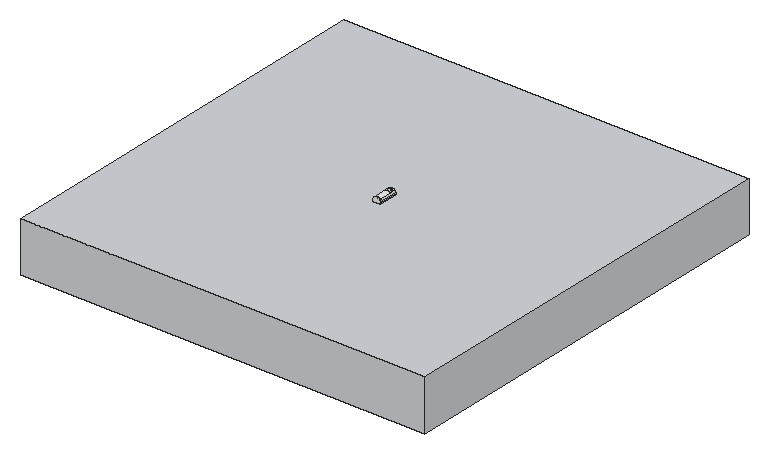
Revit family
Parameters (values of type "Occupancy")
  Version = 1
  URL = "http://www.lutron.com"
  Series = "Radio Powr Savr"
  Sensor Material = Plastic - Lutron - White
  Product URL = "http://www.lutron.com/Products/Sensors/Occupancy-Vacancy/WirelessRadioPowrSavr/Pages/Overview.aspx"
  Overall Width = 0' - 1 205/256"
  Overall Height = 0' - 4 45/128"
  Overall Depth = 0' - 1 45/128"
  Model = "LRF2-OWLB-P-WH"
  Minor Motion Coverage = 1500.00 SF
  Manufacturer = "Lutron Electronics"  # constant formula
  Major Motion Coverage = 3000.00 SF
  Label = "OS"
  Infrared Minor Motion Detection [instance] = no
  Infrared Major Motion Detection [instance] = no
  Field of View = 180.00°
  Description = "Wireless Wall-Mount Occupancy Sensor"
  Default Elevation = 7' - 0"
  Copyright = "© 2010 Lutron Electronics Co., Inc."  # constant formula
  CADworks URL = "http://www.CADworks.net"
  Assembly Code = "D5030800"
Types (3): name | Model | Label | Description
  (no name) | "LRF2-OWLB-P-WH" | "OS" | "Wireless Wall-Mount Occupancy Sensor"
  Occupancy | "LRF2-OWLB-P-WH" | "OS" | "Wireless Wall-Mount Occupancy Sensor"
  Vacancy | "LRF2-VWLB-P-WH" | "VS" | "Wireless Wall-Mount Vacancy Sensor"
Reference planes (in)
  plane 1 "Center (Front/Back)": y = 0
  plane 2: z = 0
  plane 3 "Center (Left/Right)": x = 0
  plane 4: x = 0.90039
  plane 5: x = -0.90039
  plane 6: y = -2.17578
  plane 7: y = 2.17578
  plane 8: z = 1.35156
Forms (in)
  Extrusion 1, solid
    sketch origin (0, 0, 0) x (1, 0, 0) y (0, 1, 0)
      loop
        line (-48, 48) -> (-48, -48) -> (48, -48) -> (48, 48) -> (-48, 48)
    from 0 to -12
  Extrusion 2, solid, material "Plastic - Lutron - White" <- "Sensor Material"
    sketch origin (0, 0, 0) x (1, 0, 0) y (0, 0, 1)
      loop
        line (-0.90039, 0.25) -> (-0.69045, 0) -> (0.69045, 0) -> (0.90039, 0.25) -> (0.90039, 0.52356)
        arc (0.90039, 0.52356) -> (0.86001, 0.76764) -> (0.74316, 0.98571) r 0.75781
        arc (0.74316, 0.98571) -> (-0.00134, 1.35156) -> (-0.74479, 0.98358) r 0.93772
        arc (-0.74479, 0.98358) -> (-0.86044, 0.76664) -> (-0.90039, 0.52408) r 0.75629
        line (-0.90039, 0.52408) -> (-0.90039, 0.25)
    from -2.17578 to 2.17578
  Extrusion 3, void
    sketch origin (0, 0, 0) x (1, 0, 0) y (0, 1, 0)
      loop
        line (-0.625, 1.64822) -> (-0.625, 0.73271) -> (0.625, 0.73271) -> (0.625, 1.64822) -> (-0.625, 1.64822)
    from 0.73905 to 1.35156
  Extrusion 4, solid, material "Plastic - Lutron - Clear"
    sketch origin (0, 0, 0) x (1, 0, 0) y (0, 0, 1)
      loop
        arc (0.625, 1.06059) -> (0.00091, 1.30084) -> (-0.625, 1.06535) r 0.94003
        line (-0.625, 1.06535) -> (-0.625, 0.95684)
        arc (-0.625, 0.95684) -> (0.00091, 1.19233) -> (0.625, 0.95208) r 0.94003
        line (0.625, 0.95208) -> (0.625, 1.06059)
    from -1.64822 to -0.73271
  Extrusion 5, void
    sketch origin (60, 2.17578, 60.99325) x (1, 0, 0) y (0, 0, 1)
      loop
        line (146.45668, 659.00635) -> (-59.79327, -60.2727)
        arc (-59.79327, -60.2727) -> (-59.77032, -60.27968) -> (-59.74761, -60.28739) r 0.75
        line (-59.74761, -60.28739) -> (197.30608, 659.00635) -> (146.45668, 659.00635)
      loop
        line (240, 594.18268) -> (-59.68776, -60.31174)
        arc (-59.68776, -60.31174) -> (-59.65885, -60.32573) -> (-59.63057, -60.34095) r 0.75
        line (-59.63057, -60.34095) -> (240, 469.03951) -> (240, 594.18268)
      loop
        line (240, 359.00635) -> (-59.56407, -60.38335)
        arc (-59.56407, -60.38335) -> (-59.54165, -60.4) -> (-59.51986, -60.41748) r 0.75
        line (-59.51986, -60.41748) -> (240, 299.00635) -> (240, 359.00635)
      loop
        line (240, 239.00635) -> (-59.46967, -60.46332)
        arc (-59.46967, -60.46332) -> (-59.45304, -60.48049) -> (-59.43696, -60.49818) r 0.75
        line (-59.43696, -60.49818) -> (240, 203.00635) -> (240, 239.00635)
      loop
        line (240, 119.00635) -> (240, 155.00635) -> (-59.39135, -60.55542)
        arc (-59.39135, -60.55542) -> (-59.37357, -60.58124) -> (-59.35688, -60.60778) r 0.75
        line (-59.35688, -60.60778) -> (240, 119.00635)
      loop
        line (240, 95.00635) -> (-59.33459, -60.64763)
        arc (-59.33459, -60.64763) -> (-59.32098, -60.67516) -> (-59.30851, -60.70322) r 0.75
        line (-59.30851, -60.70322) -> (240, 65.00635) -> (240, 95.00635)
      loop
        line (240, 36.48226) -> (-59.28671, -60.76189)
        arc (-59.28671, -60.76189) -> (-59.27815, -60.7901) -> (-59.27071, -60.81862) r 0.75
        line (-59.27071, -60.81862) -> (240, 11.00635) -> (240, 36.48226)
      loop
        line (240, -18.99365) -> (-59.25724, -60.88966)
        arc (-59.25724, -60.88966) -> (-59.25449, -60.91172) -> (-59.25239, -60.93384) r 0.75
        line (-59.25239, -60.93384) -> (240, -36.99365) -> (240, -18.99365)
      loop
        line (-266.45668, 659.00635) -> (-317.30608, 659.00635) -> (-60.25239, -60.28739)
        arc (-60.25239, -60.28739) -> (-60.22968, -60.27968) -> (-60.20673, -60.2727) r 0.75
        line (-60.20673, -60.2727) -> (-266.45668, 659.00635)
      loop
        line (-360, 594.18268) -> (-360, 469.03951) -> (-60.36943, -60.34095)
        arc (-60.36943, -60.34095) -> (-60.34115, -60.32573) -> (-60.31224, -60.31174) r 0.75
        line (-60.31224, -60.31174) -> (-360, 594.18268)
      loop
        line (-360, 359.00635) -> (-360, 299.00635) -> (-60.48013, -60.41749)
        arc (-60.48013, -60.41749) -> (-60.45834, -60.40001) -> (-60.43592, -60.38336) r 0.74999
        line (-60.43592, -60.38336) -> (-360, 359.00635)
      loop
        line (-360, 239.00635) -> (-360, 203.00635) -> (-60.56304, -60.4982)
        arc (-60.56304, -60.4982) -> (-60.54696, -60.4805) -> (-60.53032, -60.46333) r 0.74999
        line (-60.53032, -60.46333) -> (-360, 239.00635)
      loop
        line (-360, 119.00635) -> (-60.643, -60.60757)
        arc (-60.643, -60.60757) -> (-60.62635, -60.58111) -> (-60.6086, -60.55537) r 0.75
        line (-60.6086, -60.55537) -> (-360, 155.00635) -> (-360, 119.00635)
      loop
        line (-360, 95.00635) -> (-360, 65.00635) -> (-60.69154, -60.70328)
        arc (-60.69154, -60.70328) -> (-60.67898, -60.67502) -> (-60.66526, -60.6473) r 0.75001
        line (-60.66526, -60.6473) -> (-360, 95.00635)
      loop
        line (-360, 36.48226) -> (-360, 11.00635) -> (-60.72929, -60.81862)
        arc (-60.72929, -60.81862) -> (-60.72185, -60.7901) -> (-60.71329, -60.76189) r 0.75
        line (-60.71329, -60.76189) -> (-360, 36.48226)
      loop
        line (-360, -18.99365) -> (-360, -36.99365) -> (-60.74761, -60.93384)
        arc (-60.74761, -60.93384) -> (-60.74551, -60.91172) -> (-60.74276, -60.88966) r 0.75
        line (-60.74276, -60.88966) -> (-360, -18.99365)
      loop
        line (-59.85261, -60.25827) -> (84.30743, 659.00635) -> (32.31778, 659.00635) -> (-59.90462, -60.24974)
        arc (-59.90462, -60.24974) -> (-59.87854, -60.25355) -> (-59.85261, -60.25827) r 0.75
      loop
        line (-59.9701, -60.24424) -> (-31.27614, 659.00635) -> (-88.72386, 659.00635) -> (-60.0299, -60.24424)
        arc (-60.0299, -60.24424) -> (-60, -60.24365) -> (-59.9701, -60.24424) r 0.75
      loop
        line (-60.09538, -60.24974) -> (-152.31778, 659.00635) -> (-204.30743, 659.00635) -> (-60.14739, -60.25827)
        arc (-60.14739, -60.25827) -> (-60.12146, -60.25355) -> (-60.09538, -60.24974) r 0.75
    from 0 to 0.125
  Extrusion 6, solid, material "Infrared Minor Motion Detection", visible <- "Infrared Minor Motion Detection"
    sketch origin (60, 2.17578, 48) x (1, 0, 0) y (0, 0, 1)
      loop
        line (-240, -48) -> (120, -48) -> (120, 552) -> (-240, 552) -> (-240, -48)
    from 0 to 0.125
  Extrusion 7, solid, material "Infrared Major Motion Detection", visible <- "Infrared Major Motion Detection"
    sketch origin (60, 2.14453, 48) x (1, 0, 0) y (0, 0, 1)
      loop
        line (-360, -48) -> (240, -48) -> (240, 671.9996) -> (-360, 671.9996) -> (-360, -48)
    from 0 to 0.0625
Cuts and joins
  Extrusion 3 cuts Extrusion 2
  Extrusion 5 cuts Extrusion 6
  Extrusion 5 cuts Extrusion 7
Lines and regions (in)
  symbolic lines, detail levels fine
    curve 1: line (0.90039, 2.17578, 0.25) -> (0.90039, 2.17578, 0.52356)
    curve 2: arc (0.90039, 2.17578, 0.52356) -> (0.86001, 2.17578, 0.76764) -> (0.74316, 2.17578, 0.98571) r 0.75781
    curve 3: arc (0.74316, 2.17578, 0.98571) -> (-0.00134, 2.17578, 1.35156) -> (-0.74479, 2.17578, 0.98358) r 0.93772
    curve 4: arc (-0.74479, 2.17578, 0.98358) -> (-0.86044, 2.17578, 0.76664) -> (-0.90039, 2.17578, 0.52408) r 0.75629
    curve 5: line (-0.90039, 2.17578, 0.52408) -> (-0.90039, 2.17578, 0.25)
    curve 6: line (-0.90039, 2.17578, 0.25) -> (-0.69045, 2.17578, 0)
    curve 7: line (-0.69045, 2.17578, 0) -> (0.69045, 2.17578, 0)
    curve 8: line (0.69045, 2.17578, 0) -> (0.90039, 2.17578, 0.25)
Dimensions and locks (in)
  "Overall Width": plane 5 to plane 4
  equal spacing: plane 5, plane 3 "Center (Left/Right)", plane 4
  "Overall Height": plane 6 to plane 7
  equal spacing: plane 6, plane 1 "Center (Front/Back)", plane 7
  "Overall Depth": plane 8 to plane 2
  locked: Extrusion 3 sketch curve to Extrusion 3 sketch curve at 1.25
  equal spacing: Extrusion 3 sketch curve, plane 3 "Center (Left/Right)", Extrusion 3 sketch curve
  Extrusion 3 sketch curve to Extrusion 3 sketch curve to plane 7 = 0' - 0.91551" locked, 0' - 0.52756" locked
  Extrusion 2 sketch curve to Extrusion 2 sketch curve to plane 3 "Center (Left/Right)" to Extrusion 2 sketch curve to Extrusion 2 sketch curve = 0' - 0.20994" locked, 0' - 0.69045" locked, 0' - 0.69045" locked, 0' - 0.20994" locked
  locked: Extrusion 2 sketch curve to plane 8 at 0
  locked: cut or joined group of Extrusion 2, Extrusion 3 to plane 2 at 0.73905
  plane 8 to Extrusion 4 sketch curve to Extrusion 4 sketch curve = 0' - 0.05071" locked, 0' - 0.10851" locked
  equal spacing: Extrusion 6 sketch curve, plane 3 "Center (Left/Right)", Extrusion 6 sketch curve
  locked: Extrusion 6 sketch curve to Extrusion 6 sketch curve at 360
  locked: Extrusion 6 sketch curve to Extrusion 6 sketch curve at 600
  locked: Extrusion 7 sketch curve to Extrusion 7 sketch curve at 600
  locked: Extrusion 7 sketch curve to Extrusion 7 sketch curve at 719.9996
  cut or joined group of Extrusion 5, Extrusion 6 to Extrusion 7 to Extrusion 7 to plane 7 = 0' - 0 1/32" locked, 0' - 0 1/16" locked, 0' - 0 1/32" locked
  equal spacing: Extrusion 7 sketch curve, plane 3 "Center (Left/Right)", Extrusion 7 sketch curve
  aligned and locked: plane 2 to Extrusion 1
  aligned and locked: level to Extrusion 1
  aligned and locked: Extrusion 2 to plane 7
  aligned and locked: Extrusion 2 to plane 6
  aligned and locked: plane 8 to Extrusion 3
  aligned and locked: Extrusion 4 to cut or joined group of Extrusion 2, Extrusion 3  (x2)
  aligned and locked: plane 3 "Center (Left/Right)" to nested 1
  aligned and locked: plane 1 "Center (Front/Back)" to nested 1
  aligned and locked: plane 4 to Extrusion 2 sketch curve
  aligned and locked: plane 2 to Extrusion 2 sketch curve
  aligned and locked: cut or joined group of Extrusion 5, Extrusion 7 to plane 2
  aligned and locked: cut or joined group of Extrusion 5, Extrusion 6 to plane 2
  aligned and locked: curve 1 to cut or joined group of Extrusion 2, Extrusion 3
  aligned and locked: curve 2 to cut or joined group of Extrusion 2, Extrusion 3
  aligned and locked: curve 3 to cut or joined group of Extrusion 2, Extrusion 3
  aligned and locked: curve 4 to cut or joined group of Extrusion 2, Extrusion 3
  aligned and locked: curve 6 to cut or joined group of Extrusion 2, Extrusion 3
  aligned and locked: curve 7 to cut or joined group of Extrusion 2, Extrusion 3
  aligned and locked: curve 8 to cut or joined group of Extrusion 2, Extrusion 3
  aligned and locked: cut or joined group of Extrusion 2, Extrusion 3 to Extrusion 4  (x2)
Automatic sketch dimensions
  Extrusion 1 sketch curve to Extrusion 1 sketch curve = 8' - 0"  (x2)
  Extrusion 2 sketch curve to plane 3 "Center (Left/Right)" = 0' - 0"
  plane 5 to Extrusion 2 sketch curve = 0' - 0.1556"
  Extrusion 2 sketch curve to Extrusion 2 sketch curve = 0' - 0"
  Extrusion 2 sketch curve to plane 3 "Center (Left/Right)" = 0' - 0.1441"
  plane 3 "Center (Left/Right)" to Extrusion 2 sketch curve = 0' - 0.14258"
  plane 4 to Extrusion 2 sketch curve = 0' - 0.15723"
  level to Extrusion 2 sketch curve = 0' - 0 1/4"  (x2)
  Extrusion 4 sketch curve to plane 3 "Center (Left/Right)" = 0' - 0.00267"  (x2)
  plane 5 to Extrusion 4 sketch curve = 0' - 0.27539"
  plane 4 to Extrusion 4 sketch curve = 0' - 0.27539"
  level to Extrusion 4 sketch curve = 0' - 0.25231"
  Extrusion 4 sketch curve to Extrusion 4 sketch curve = 0' - 0.10851"
  Extrusion 5 sketch curve to Extrusion 5 sketch curve = 0' - 0"  (x228)
  Extrusion 5 sketch curve to plane 3 "Center (Left/Right)" = 0' - 0"
  Extrusion 5 sketch curve to plane 3 "Center (Left/Right)" = 0' - 0.00007"
  Extrusion 5 sketch curve to plane 3 "Center (Left/Right)" = 0' - 0.0299"
  Extrusion 5 sketch curve to Extrusion 5 sketch curve = 0' - 0.06549"  (x2)
  Extrusion 5 sketch curve to Extrusion 5 sketch curve = 0' - 0.05201"  (x2)
  Extrusion 5 sketch curve to Extrusion 5 sketch curve = 0' - 0.05934"  (x2)
  Extrusion 5 sketch curve to Extrusion 5 sketch curve = 0' - 0.04567"  (x2)
  Extrusion 5 sketch curve to Extrusion 5 sketch curve = 0' - 0.05985"  (x2)
  Extrusion 5 sketch curve to Extrusion 5 sketch curve = 0' - 0.05719"  (x2)
  Extrusion 5 sketch curve to Extrusion 5 sketch curve = 0' - 0.06649"
  Extrusion 5 sketch curve to Extrusion 5 sketch curve = 0' - 0.04421"  (x2)
  Extrusion 5 sketch curve to Extrusion 5 sketch curve = 0' - 0.05019"  (x2)
  Extrusion 5 sketch curve to Extrusion 5 sketch curve = 0' - 0.03272"
  Extrusion 5 sketch curve to Extrusion 5 sketch curve = 0' - 0.04557"
  Extrusion 5 sketch curve to Extrusion 5 sketch curve = 0' - 0.0344"
  Extrusion 5 sketch curve to Extrusion 5 sketch curve = 0' - 0.02226"
  Extrusion 5 sketch curve to Extrusion 5 sketch curve = 0' - 0.02628"
  Extrusion 5 sketch curve to Extrusion 5 sketch curve = 0' - 0.02175"
  Extrusion 5 sketch curve to Extrusion 5 sketch curve = 0' - 0.016"  (x2)
  level to Extrusion 5 sketch curve = 0' - 0.10359"  (x2)
  Extrusion 5 sketch curve to Extrusion 5 sketch curve = 0' - 0.01347"  (x2)
  Extrusion 5 sketch curve to Extrusion 5 sketch curve = 0' - 0.00486"  (x2)
  Extrusion 5 sketch curve to plane 5 = 2' - 3.82347"
  Extrusion 5 sketch curve to Extrusion 5 sketch curve = 5' - 3.59392"  (x2)
  Extrusion 5 sketch curve to Extrusion 5 sketch curve = 4' - 3.98966"  (x2)
  Extrusion 5 sketch curve to Extrusion 5 sketch curve = 5' - 2.14925"  (x2)
  Extrusion 5 sketch curve to Extrusion 5 sketch curve = 4' - 2.8494"  (x2)
  Extrusion 5 sketch curve to plane 5 = 24' - 11.09961"
  plane 8 to Extrusion 5 sketch curve = 8' - 0.12395"
  Extrusion 5 sketch curve to Extrusion 5 sketch curve = 3' - 6.69392"  (x2)
  plane 8 to Extrusion 5 sketch curve = 3' - 4.64804"
  plane 3 "Center (Left/Right)" to Extrusion 5 sketch curve = 0' - 0"  (x2)
  plane 3 "Center (Left/Right)" to Extrusion 5 sketch curve = 0' - 0.0299"
  Extrusion 5 sketch curve to Extrusion 5 sketch curve = 0' - 0.0665"
  Extrusion 5 sketch curve to Extrusion 5 sketch curve = 0' - 0.03271"
  Extrusion 5 sketch curve to Extrusion 5 sketch curve = 0' - 0.04562"
  Extrusion 5 sketch curve to Extrusion 5 sketch curve = 0' - 0.03447"
  Extrusion 5 sketch curve to Extrusion 5 sketch curve = 0' - 0.02229"
  Extrusion 5 sketch curve to Extrusion 5 sketch curve = 0' - 0.02607"
  Extrusion 5 sketch curve to Extrusion 5 sketch curve = 0' - 0.02181"
  Extrusion 5 sketch curve to plane 4 = 2' - 3.82347"
  Extrusion 5 sketch curve to Extrusion 5 sketch curve = 0' - 0.04418"
  Extrusion 5 sketch curve to Extrusion 5 sketch curve = 0' - 0.00011"
  Extrusion 5 sketch curve to Extrusion 5 sketch curve = 0' - 0.07104"  (x2)
  Extrusion 5 sketch curve to Extrusion 5 sketch curve = 0' - 0 15/256"
  Extrusion 5 sketch curve to Extrusion 5 sketch curve = 0' - 0.05866"
  Extrusion 5 sketch curve to Extrusion 5 sketch curve = 0' - 0.03986"
  Extrusion 5 sketch curve to Extrusion 5 sketch curve = 0' - 0.03973"
  Extrusion 5 sketch curve to Extrusion 5 sketch curve = 0' - 0.05717"
  Extrusion 5 sketch curve to Extrusion 5 sketch curve = 0' - 0.05724"
  Extrusion 5 sketch curve to Extrusion 5 sketch curve = 0' - 0.04584"  (x2)
  Extrusion 5 sketch curve to Extrusion 5 sketch curve = 0' - 0.0424"
  Extrusion 5 sketch curve to Extrusion 5 sketch curve = 0' - 0.04241"
  Extrusion 5 sketch curve to Extrusion 5 sketch curve = 0' - 0.02434"  (x2)
  Extrusion 5 sketch curve to Extrusion 5 sketch curve = 0' - 0.01443"  (x2)
  Extrusion 5 sketch curve to Extrusion 5 sketch curve = 0' - 0.00549"
  Extrusion 5 sketch curve to Extrusion 5 sketch curve = 1' - 6"  (x2)
  plane 8 to Extrusion 5 sketch curve = 1' - 10.64804"
  Extrusion 5 sketch curve to Extrusion 5 sketch curve = 2' - 1.47591"  (x2)
  Extrusion 5 sketch curve to Extrusion 5 sketch curve = 2' - 6"  (x3)
  Extrusion 5 sketch curve to Extrusion 5 sketch curve = 2' - 4.52409"  (x2)
  Extrusion 5 sketch curve to Extrusion 5 sketch curve = 2' - 0"  (x2)
  Extrusion 5 sketch curve to Extrusion 5 sketch curve = 3' - 0"  (x4)
  Extrusion 5 sketch curve to Extrusion 5 sketch curve = 4' - 0"  (x2)
  Extrusion 5 sketch curve to Extrusion 5 sketch curve = 5' - 0"  (x4)
  Extrusion 5 sketch curve to Extrusion 5 sketch curve = 9' - 2.03316"  (x2)
  Extrusion 5 sketch curve to Extrusion 5 sketch curve = 10' - 5.14317"  (x2)
  Extrusion 5 sketch curve to Extrusion 5 sketch curve = 5' - 4.82367"  (x2)
  level to Extrusion 6 sketch curve = 0' - 0"
  level to Extrusion 7 sketch curve = 0' - 0"
Nested families (in)
  nested 1: "Wall_Occupancy_and_Vacancy_Sensor-Lutron" at (0, 0, 0), type "Wall_Occupancy_and_Vacancy_Sensor-Lutron", detail levels coarse+medium
Definition of nested family "Wall_Occupancy_and_Vacancy_Sensor-Lutron"
  Parameters (values of type "Wall Occupancy and Vacancy Sensor")
    Label = "OS"
  Reference planes (in)
    plane 1: y = 0
    plane 2: x = 0
  Lines and regions (in)
    detail lines
      curve 1: line (-0.10156, 0.24626, 0) -> (-0.10156, 0.06462, 0)
      curve 2: line (-0.10156, 0.06462, 0) -> (0.09961, 0.06462, 0)
      curve 3: line (0.09961, 0.06462, 0) -> (0.09961, 0.24626, 0)
      curve 4: line (0.09961, 0.24626, 0) -> (-0.10156, 0.24626, 0)
      curve 5: line (-0.05859, 0, 0) -> (0.05859, 0, 0)
      curve 6: line (0, 0, 0) -> (0, 0.06462, 0)
  Text (in)
    label "OS" at (-0.00197, 0.15314, 0), shows "Label"
  Dimensions and locks (in)
    curve 4 to curve 2 to plane 1 = 0' - 0.18164" locked, 0' - 0.06462" locked
    curve 1 to plane 2 to curve 3 = 0' - 0 13/128" locked, 0' - 0.09961" locked
    aligned and locked: plane 2 to curve 6
    aligned and locked: plane 1 to curve 5
